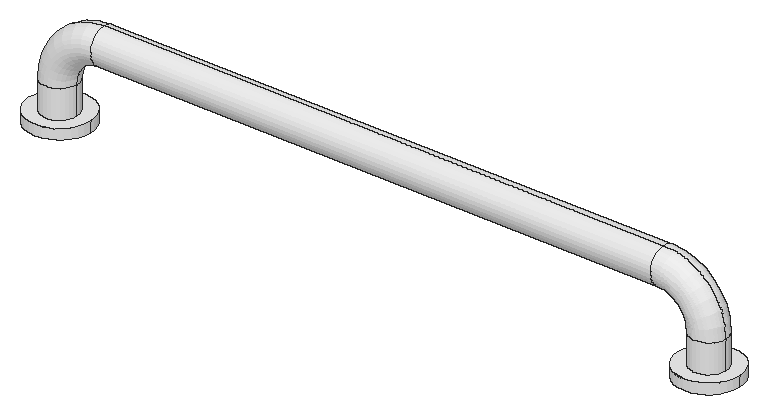
Revit family "Grab_Bar-Grohe-Essentials-40794001", category Specialty Equipment, host Face, Revit 2019
Family settings
  Host = Face
  Round Connector Dimension = Use Diameter
  Part Type = Normal
  OmniClass Number = 23.40.20.21.27
  OmniClass Title = Towel Bars
  Cut with Voids When Loaded = No
  Shared = Yes
  Room Calculation Point = No
Parameters (values of type "40794001")
  Width = 3 169/256"
  Warranty Information = "Limited Lifetime Warranty"
  URL = "https://www.grohe.ca/"
  Type Comments = ""
  Revised Date = "05/10/2021"  # constant formula
  Product Page URL = "https://www.grohe.ca/Grab-Bars/24-Inch-Grab-Bar/GROHE-CHROME-40794001"
  Product Documentation Link = "https://americanstandard.box.com/shared/static/os00pdhl13itnjsf77a16mnggevylg7j.pdf"
  Price = "Prices may vary. Please consult Manufacturer Representative for most up-to-date price list."  # constant formula
  Model = "40794001"
  Material = "Metal-Grohe-000-Starlight_Chrome"
  Manufacturer = "GROHE"
  Length = 23 159/256"
  Installation Type = "Wall Mounted"
  Height = 2 1/4"
  Description = "Essentials 24\" Grab Bar"
  Default Elevation = 35 3/8"
  Creation Date = "07/013/2017"
  Assembly Code = "C1030200"
Reference planes (in)
  plane 1 "Center (Front/Back)": y = 0
  plane 2: z = 0
  plane 3 "Center (Left/Right)": x = 0
  plane 4: z = 3.66016
  plane 5: x = -11.81055
  plane 6: x = 11.81055
  plane 7: y = 1.125
  plane 8: y = 0.62992
  plane 9: y = -1.125
  plane 10: z = 3.66016
Forms (in)
  Extrusion 1, solid, material "Metal-Grohe-000-Starlight_Chrome"
    sketch origin (0, 0, 0) x (1, 0, 0) y (0, 1, 0)
      loop
        circle (11.81055, 0) r 1.12162
      loop
        circle (-11.81055, 0) r 1.12162
    from 0 to 0.37402
  Sweep 2, solid, material "Metal-Grohe-000-Starlight_Chrome"
    path origin (0, 0, 0) x (1, 0, 0) y (0, 0, 1)
      loop
        line (12.44047, 0.37402) -> (12.44047, 1.40598)
        arc (12.44047, 1.40598) -> (11.78024, 2.99992) -> (10.18629, 3.66016) r 2.25418
        line (10.18629, 3.66016) -> (-10.18629, 3.66016)
        arc (-10.18629, 3.66016) -> (-11.78024, 2.99992) -> (-12.44047, 1.40598) r 2.25418
        line (-12.44047, 1.40598) -> (-12.44047, 0.37402)
    profile origin (12.44047, 0, 0.89) x (-1, 0, 0) y (0, -1, 0)
      loop
        circle (0.62992, 0) r 0.62992
Cuts and joins
  joined: Extrusion 1, Sweep 2
Lines and regions (in)
  Masking region 1
    outline origin (0, 0, 0) x (1, 0, 0) y (0, 0, 1)
      loop
        line (12.44047, 0.37402) -> (12.44047, 1.41016)
        arc (12.44047, 1.41016) -> (11.78146, 3.00115) -> (10.19047, 3.66016) r 2.25
        line (10.19047, 3.66016) -> (-10.19047, 3.66016)
        arc (-10.19047, 3.66016) -> (-11.78146, 3.00115) -> (-12.44047, 1.41016) r 2.25
        line (-12.44047, 1.41016) -> (-12.44047, 0.37402) -> (-12.93217, 0.37402) -> (-12.93217, 0) -> (-10.68893, 0) -> (-10.68893, 0.37402) -> (-11.18062, 0.37402) -> (-11.18062, 1.41016)
        arc (-11.18062, 1.41016) -> (-10.88773, 2.11726) -> (-10.18062, 2.41016) r 1
        line (-10.18062, 2.41016) -> (10.18062, 2.41016)
        arc (10.18062, 2.41016) -> (10.88773, 2.11726) -> (11.18062, 1.41016) r 1
        line (11.18062, 1.41016) -> (11.18062, 0.37402) -> (10.68893, 0.37402) -> (10.68893, 0) -> (12.93217, 0) -> (12.93217, 0.37402) -> (12.44047, 0.37402)
  symbolic lines, detail levels medium+fine
    curve 1: line (11.18062, 0, 0.37402) -> (12.44047, 0, 0.37402)
    curve 2: line (-11.18062, 0, 0.37402) -> (-12.44047, 0, 0.37402)
Dimensions and locks (in)
  "Width": plane 2 to plane 4
  equal spacing: plane 5, plane 3 "Center (Left/Right)", plane 6
  plane 8 to plane 1 "Center (Front/Back)" = 0.62992"
  equal spacing: plane 9, plane 1 "Center (Front/Back)", plane 7
  "Length": plane 5 to plane 6
  plane 9 to plane 7 = 2 1/4"
  aligned and locked: plane 2 to host face
  aligned and locked: level to host face
Automatic sketch dimensions
  host sketch curve to host sketch curve = 96"  (x2)
  plane 1 "Center (Front/Back)" to Extrusion 1 sketch curve = 0"  (x2)
  Extrusion 1 sketch curve to plane 5 = 0"
  Extrusion 1 sketch curve to plane 6 = 0"
  Masking region 1 sketch curve to level = 0"  (x2)
  Masking region 1 sketch curve to plane 5 = 1.62992"
  Masking region 1 sketch curve to Masking region 1 sketch curve = 0.00985"  (x2)
  level to Masking region 1 sketch curve = 0.37402"  (x4)
  Masking region 1 sketch curve to plane 5 = 1.12162"
  Masking region 1 sketch curve to Masking region 1 sketch curve = 0.4917"  (x4)
  plane 5 to Masking region 1 sketch curve = 0.62992"
  Masking region 1 sketch curve to plane 6 = 1.62992"
  plane 6 to Masking region 1 sketch curve = 0.62992"
  Masking region 1 sketch curve to Masking region 1 sketch curve = 0"  (x2)
  Masking region 1 sketch curve to plane 4 = 0"
  plane 5 to curve 2 = 0.62992"
  level to curve 1 = 0.37402"
  curve 2 to plane 5 = 0.62992"
  curve 1 to plane 6 = 0.62992"
  plane 6 to curve 1 = 0.62992"
  level to curve 2 = 0.37402"
  profile plane to Sweep 2 sketch curve = 0"
  Sweep 2 sketch curve to profile plane = 0.62992"
  Sweep 2 sketch curve to plane 4 = 0"
  plane 5 to Sweep 2 sketch curve = 0.62992"
  Sweep 2 sketch curve to plane 5 = 1.62426"
  Sweep 2 sketch curve to plane 6 = 1.62426"
  plane 6 to Sweep 2 sketch curve = 0.62992"
  level to Sweep 2 sketch curve = 0.37402"  (x2)
  radius of Extrusion 1 sketch curve = 1.12162"  (x2)
  radius of Sweep 2 sketch curve = 0.62992"
